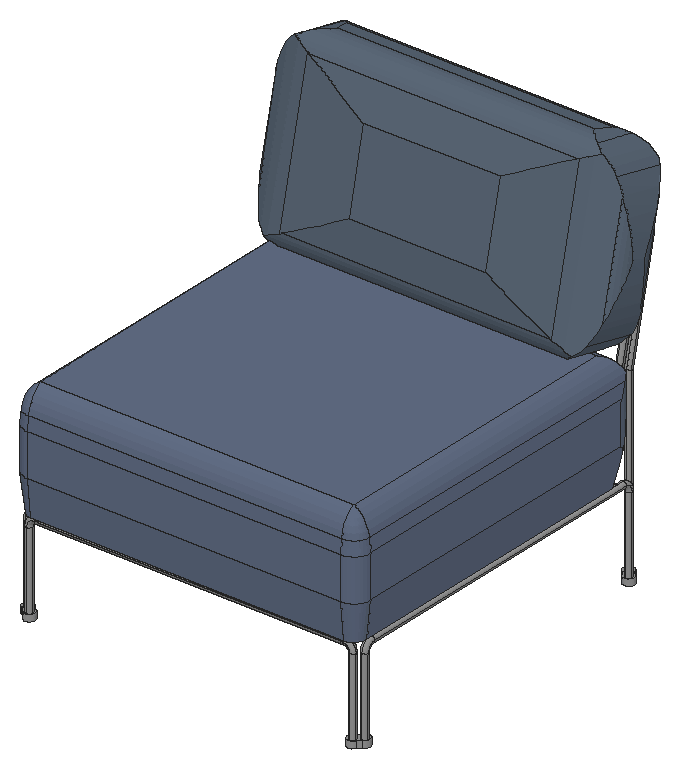
Revit family "FU_Modular_Sandler_Ari 1300-OD", category Furniture, Revit 2020
Family settings
  OmniClass Number = 23.40.20.00
  OmniClass Title = General Furniture and Specialties
  Work Plane-Based = No
  Always vertical = Yes
  Cut with Voids When Loaded = No
  Shared = No
  Room Calculation Point = No
Parameters (values of type "Ari 1300-OD")
  Width = 720 mm
  URL = "https://www.sandlerseating.com/product/ari-1300-od/"
  Seat [instance] = Fabric - Outdoor - FabThirty 30319-25
  Model = "Ari 1300-OD"
  Manufacturer = "Sandler"
  Height = 780 mm
  Frame [instance] = Metal - Paint - Outdoor - Pewter
  Description = "Outdoor modular seating element without armrests. Upholstered, with a steel frame and elegant double backrest support."
  Depth = 780 mm
  Default Elevation = 0 mm
  Back [instance] = Fabric - Outdoor - Amelia 706
Reference planes
  plane 1 "Center (Front/Back)": y = 0
  plane 2: z = 0
  plane 3 "Center (Left/Right)": x = 0
  plane 4 "Right": x = -360
  plane 5 "Left": x = 360
  plane 6 "Back": y = 390
  plane 7 "Front": y = -390
  plane 8 "Height": z = 780
  plane 9 "Seat height": z = 420
  plane 10 "Frame Right C TOP": x = -337.638
  plane 11 "Frame Front C TOP": y = -372.654
  plane 12 "Frame Left C TOP": x = 337.638
  plane 13 "Frame Back CV Right": y = 315.382
  plane 14 "Feet Right": z = 12
  plane 15 "Seat base RIGHT": z = 187.373
  plane 16 "Frame Back AC RIGHT": through (4267.2, 269.976, 182.022) normal (0, -0.9734, 0.2293)
Forms (mm)
  Sweep 1, solid, material "Metal - Paint - Outdoor - Pewter" <- "Frame"
    path origin (0, 315.382, 0) x (0, 0, 1) y (1, 0, 0)
      loop
        line (420, -326.632) -> (12, -326.632)
    profile "Pro_Circles : 13mm" origin (-326.632, 315.382, 216) x (-1, 0, 0) y (0, 1, 0)
      loop
        arc (-6.467, 0.067) -> (-4.64, -4.545) -> (-0.067, -6.467) r 6.401
        arc (-0.067, -6.467) -> (4.593, -4.594) -> (6.467, 0.067) r 6.402
        arc (6.467, 0.067) -> (4.545, 4.64) -> (-0.067, 6.467) r 6.401
        arc (-0.067, 6.467) -> (-4.592, 4.592) -> (-6.467, 0.067) r 6.4
  Extrusion 2, void
    sketch origin (0, 0, 0) x (0, 1, 0) y (0, 0, 1)
      loop
        line (300.453, 375.373) -> (300.453, 331.447) -> (325.205, 331.447) -> (325.205, 375.373) -> (300.453, 375.373)
    from -360 to 360
  Extrusion 3, void
    sketch origin (0, 0, 0) x (0, 1, 0) y (0, 0, 1)
      loop
        line (300.453, 375.373) -> (325.205, 375.373) -> (325.205, 423.621) -> (300.453, 423.621) -> (300.453, 375.373)
    from -360 to 360
  Sweep 4, solid, material "Metal - Paint - Outdoor - Pewter" <- "Frame"
    path origin (0, 315.382, 0) x (0, 0, 1) y (-1, 0, 0)
      loop
        line (420, -326.632) -> (12, -326.632)
    profile "Pro_Circles : 13mm" origin (326.632, 315.382, 216) x (-1, 0, 0) y (0, 1, 0)
      loop
        arc (6.467, 0.067) -> (4.592, 4.592) -> (0.067, 6.467) r 6.4
        arc (0.067, 6.467) -> (-4.545, 4.64) -> (-6.467, 0.067) r 6.401
        arc (-6.467, 0.067) -> (-4.593, -4.594) -> (0.067, -6.467) r 6.402
        arc (0.067, -6.467) -> (4.64, -4.545) -> (6.467, 0.067) r 6.401
  Sweep 5, solid, material "Metal - Paint - Outdoor - Pewter" <- "Frame"
    path origin (337.638, 0, 0) x (0, 1, 0) y (0, 0, 1)
      loop
        line (-359.792, 12) -> (-359.792, 166.321)
        arc (-359.792, 166.321) -> (-355.252, 177.281) -> (-344.292, 181.821) r 15.5
        line (-344.292, 181.821) -> (285.964, 181.821)
        arc (285.964, 181.821) -> (296.924, 177.281) -> (301.464, 166.321) r 15.5
        line (301.464, 166.321) -> (301.464, 11.974)
    profile "Pro_Circles : 13mm" origin (337.638, -359.792, 89.16) x (0, 1, 0) y (-1, 0, 0)
      loop
        arc (-6.467, 0.067) -> (-4.64, -4.545) -> (-0.067, -6.467) r 6.401
        arc (-0.067, -6.467) -> (4.593, -4.594) -> (6.467, 0.067) r 6.402
        arc (6.467, 0.067) -> (4.545, 4.64) -> (-0.067, 6.467) r 6.401
        arc (-0.067, 6.467) -> (-4.592, 4.592) -> (-6.467, 0.067) r 6.4
  Sweep 6, solid, material "Metal - Paint - Outdoor - Pewter" <- "Frame"
    path origin (-337.638, 0, 0) x (0, 1, 0) y (0, 0, 1)
      loop
        line (-359.792, 12) -> (-359.792, 166.321)
        arc (-359.792, 166.321) -> (-355.252, 177.281) -> (-344.292, 181.821) r 15.5
        line (-344.292, 181.821) -> (285.964, 181.821)
        arc (285.964, 181.821) -> (296.924, 177.281) -> (301.464, 166.321) r 15.5
        line (301.464, 166.321) -> (301.464, 11.974)
    profile "Pro_Circles : 13mm" origin (-337.638, -359.792, 89.16) x (0, -1, 0) y (1, 0, 0)
      loop
        arc (6.467, 0.067) -> (4.592, 4.592) -> (0.067, 6.467) r 6.4
        arc (0.067, 6.467) -> (-4.545, 4.64) -> (-6.467, 0.067) r 6.401
        arc (-6.467, 0.067) -> (-4.593, -4.594) -> (0.067, -6.467) r 6.402
        arc (0.067, -6.467) -> (4.64, -4.545) -> (6.467, 0.067) r 6.401
  Sweep 7, solid, material "Metal - Paint - Outdoor - Pewter" <- "Frame"
    path origin (0, -372.654, 0) x (1, 0, 0) y (0, 0, 1)
      loop
        line (-323.977, 12) -> (-323.977, 166.352)
        arc (-323.977, 166.352) -> (-319.438, 177.312) -> (-308.477, 181.852) r 15.5
        line (-308.477, 181.852) -> (308.601, 181.852)
        arc (308.601, 181.852) -> (319.561, 177.312) -> (324.101, 166.352) r 15.5
        line (324.101, 166.352) -> (324.101, 12)
    profile "Pro_Circles : 13mm" origin (-323.977, -372.654, 89.176) x (-1, 0, 0) y (0, -1, 0)
      loop
        arc (-6.467, 0.067) -> (-4.64, -4.545) -> (-0.067, -6.467) r 6.401
        arc (-0.067, -6.467) -> (4.593, -4.594) -> (6.467, 0.067) r 6.402
        arc (6.467, 0.067) -> (4.545, 4.64) -> (-0.067, 6.467) r 6.401
        arc (-0.067, 6.467) -> (-4.592, 4.592) -> (-6.467, 0.067) r 6.4
  Extrusion 8, solid, material "Rubber, Black"
    sketch origin (0, 0, 0) x (1, 0, 0) y (0, 1, 0)
      loop
        arc (-327.69, -355.142) -> (-345.592, -352.286) -> (-341.649, -369.98) r 10.957
        arc (-341.649, -369.98) -> (-337.148, -372.419) -> (-334.238, -376.631) r 11
        arc (-334.238, -376.631) -> (-316.275, -380.507) -> (-319.805, -362.476) r 11
        arc (-319.805, -362.476) -> (-324.707, -359.84) -> (-327.69, -355.142) r 11
    from 0 to 12
  Extrusion 9, solid, material "Rubber, Black"
    sketch origin (0, 0, 0) x (-1, 0, 0) y (0, -1, 0)
      loop
        arc (-327.69, 355.142) -> (-324.707, 359.84) -> (-319.805, 362.476) r 11
        arc (-319.805, 362.476) -> (-316.275, 380.507) -> (-334.238, 376.631) r 11
        arc (-334.238, 376.631) -> (-337.148, 372.419) -> (-341.649, 369.98) r 11
        arc (-341.649, 369.98) -> (-345.592, 352.286) -> (-327.69, 355.142) r 10.957
    from 0 to 12
  Extrusion 10, solid, material "Rubber, Black"
    sketch origin (-35.3, -13.224, 0) x (-0.993563, 0.113279, 0) y (-0.113279, -0.993563, 0)
      loop
        arc (-324.942, -350.4) -> (-342.844, -347.544) -> (-338.901, -365.238) r 10.957
        arc (-338.901, -365.238) -> (-334.399, -367.677) -> (-331.489, -371.888) r 11
        arc (-331.489, -371.888) -> (-313.526, -375.765) -> (-317.057, -357.734) r 11
        arc (-317.057, -357.734) -> (-321.958, -355.098) -> (-324.942, -350.4) r 11
    from 0 to 12
  Extrusion 11, solid, material "Rubber, Black"
    sketch origin (35.3, -13.224, 0) x (0.993563, 0.113279, 0) y (-0.113279, 0.993563, 0)
      loop
        arc (-324.942, 350.4) -> (-321.958, 355.098) -> (-317.057, 357.734) r 11
        arc (-317.057, 357.734) -> (-313.526, 375.765) -> (-331.489, 371.888) r 11
        arc (-331.489, 371.888) -> (-334.399, 367.677) -> (-338.901, 365.238) r 11
        arc (-338.901, 365.238) -> (-342.844, 347.544) -> (-324.942, 350.4) r 10.957
    from 0 to 12
  Extrusion 12, solid, material "Fabric - Outdoor - FabThirty 30319-25" <- "Seat"
    sketch origin (0, 0, 187.373) x (1, 0, 0) y (0, 1, 0)
      loop
        arc (-313.239, 303.733) -> (-336.927, 293.921) -> (-346.739, 270.233) r 33.5
        line (-346.739, 270.233) -> (-346.739, -356.5)
        arc (-346.739, -356.5) -> (-336.927, -380.188) -> (-313.239, -390) r 33.5
        line (-313.239, -390) -> (313.204, -390)
        arc (313.204, -390) -> (336.892, -380.188) -> (346.704, -356.5) r 33.5
        line (346.704, -356.5) -> (346.704, 270.233)
        arc (346.704, 270.233) -> (336.892, 293.921) -> (313.204, 303.733) r 33.5
        line (313.204, 303.733) -> (-313.239, 303.733)
    from 0 to 233.363
  Sweep 13, void
    path in 3D
      loop
        line (-346.739, 384.262, 420.736) -> (-346.739, -356.5, 420.736)
        arc (-346.739, -356.5, 420.736) -> (-336.927, -380.188, 420.736) -> (-313.239, -390, 420.736) r 33.5
        line (-313.239, -390, 420.736) -> (313.204, -390, 420.736)
        arc (313.204, -390, 420.736) -> (336.892, -380.188, 420.736) -> (346.704, -356.5, 420.736) r 33.5
        line (346.704, -356.5, 420.736) -> (346.704, 384.262, 420.736)
    profile origin (-346.739, 13.881, 420.736) x (1, 0, 0) y (0, 0, 1)
      loop
        arc (2.304, -47.996) -> (11.675, -20.578) -> (32.073, 0) r 64.696
        line (32.073, 0) -> (32.073, 22.414) -> (-19.598, 22.414) -> (-19.598, -262.705) -> (14.317, -262.705)
        arc (14.317, -262.705) -> (-0.262, -155.83) -> (2.304, -47.996) r 677.536
  Sweep 14, solid, material "Metal - Paint - Outdoor - Pewter" <- "Frame"
    path origin (0, 215.155, -50.686) x (0, -0.2293, -0.973356) y (1, 0, 0)
      loop
        line (-405.383, -326.634) -> (-665.383, -326.634)
        arc (-665.383, -326.634) -> (-676.343, -322.094) -> (-680.883, -311.134) r 15.5
        line (-680.883, -311.134) -> (-680.883, 311.134)
        arc (-680.883, 311.134) -> (-676.343, 322.094) -> (-665.383, 326.634) r 15.5
        line (-665.383, 326.634) -> (-405.383, 326.634)
    profile "Pro_Circles : 13mm" origin (-326.634, 337.919, 470.433) x (-1, 0, 0) y (0, -0.973356, 0.2293)
      loop
        arc (-6.467, 0.067) -> (-4.64, -4.545) -> (-0.067, -6.467) r 6.401
        arc (-0.067, -6.467) -> (4.593, -4.594) -> (6.467, 0.067) r 6.402
        arc (6.467, 0.067) -> (4.545, 4.64) -> (-0.067, 6.467) r 6.401
        arc (-0.067, 6.467) -> (-4.592, 4.592) -> (-6.467, 0.067) r 6.4
  Sweep 15, solid, material "Metal - Paint - Outdoor - Pewter" <- "Frame"
    path origin (0, 215.155, -50.686) x (0, -0.2293, -0.973356) y (1, 0, 0)
      loop
        line (-238.925, -337.572) -> (-238.925, 337.572)
    profile "Pro_Circles : 13mm" origin (0, 269.941, 181.874) x (0, 0.2293, 0.973356) y (0, -0.973356, 0.2293)
      loop
        arc (-6.467, 0.067) -> (-4.64, -4.545) -> (-0.067, -6.467) r 6.401
        arc (-0.067, -6.467) -> (4.593, -4.594) -> (6.467, 0.067) r 6.402
        arc (6.467, 0.067) -> (4.545, 4.64) -> (-0.067, 6.467) r 6.401
        arc (-0.067, 6.467) -> (-4.592, 4.592) -> (-6.467, 0.067) r 6.4
  Sweep 16, solid, material "Metal - Paint - Outdoor - Pewter" <- "Frame"
    path origin (0, 215.155, -50.686) x (0, -0.2293, -0.973356) y (1, 0, 0)
      loop
        line (-238.859, 308.199) -> (-545.701, 308.199)
        arc (-545.701, 308.199) -> (-556.662, 303.659) -> (-561.201, 292.699) r 15.5
        line (-561.201, 292.699) -> (-561.201, -292.699)
        arc (-561.201, -292.699) -> (-556.662, -303.659) -> (-545.701, -308.199) r 15.5
        line (-545.701, -308.199) -> (-238.859, -308.199)
    profile "Pro_Circles : 13mm" origin (-308.199, 305.105, 331.142) x (1, 0, 0) y (0, -0.973356, 0.2293)
      loop
        arc (-6.467, 0.067) -> (-4.64, -4.545) -> (-0.067, -6.467) r 6.401
        arc (-0.067, -6.467) -> (4.593, -4.594) -> (6.467, 0.067) r 6.402
        arc (6.467, 0.067) -> (4.545, 4.64) -> (-0.067, 6.467) r 6.401
        arc (-0.067, 6.467) -> (-4.592, 4.592) -> (-6.467, 0.067) r 6.4
  Extrusion 17, void
    sketch origin (0, 11.535, 0.066) x (0, 1, 0) y (0, 0, 1)
      loop
        arc (279.345, 364.934) -> (266.59, 262.706) -> (239.146, 163.408) r 708.516
        line (239.146, 163.408) -> (325.45, 163.408) -> (325.45, 441.519) -> (222.591, 441.519) -> (222.591, 423.086)
        arc (222.591, 423.086) -> (263.219, 405.967) -> (279.345, 364.934) r 56.771
    from -360 to 360
Cuts and joins
  Extrusion 3 cuts Sweep 1
  Extrusion 3 cuts Sweep 4
  Sweep 13, Extrusion 17 cuts Extrusion 12
  Extrusion 2 cuts Sweep 14
Lines and regions (mm)
  sketch lines
    curve 1: line (-346.739, 384.262, 420.736) -> (-346.739, -356.5, 420.736)
    curve 2: arc (-313.239, -390, 420.736) -> (-336.927, -380.188, 420.736) -> (-346.739, -356.5, 420.736) r 33.5
    curve 3: line (-313.239, -390, 420.736) -> (313.204, -390, 420.736)
    curve 4: arc (346.704, -356.5, 420.736) -> (336.892, -380.188, 420.736) -> (313.204, -390, 420.736) r 33.5
    curve 5: line (346.704, -356.5, 420.736) -> (346.704, 384.262, 420.736)
  reference lines
    curve 6: line (0, 369.538, 604.651) -> (0, 373.026, 619.46)
    curve 7: line (0, 268.215, 174.547) -> (0, 271.667, 189.201)
    curve 8: line (0, 342.113, 488.238) -> (0, 345.564, 502.888)
    curve 9: line (-314.999, 325.979, 419.749) -> (-301.4, 325.979, 419.749)
    curve 10: line (314.999, 325.979, 419.749) -> (301.4, 325.979, 419.749)
Dimensions and locks
  equal spacing: plane 4 "Right", plane 3 "Center (Left/Right)", plane 5 "Left"
  "Width": plane 4 "Right" to plane 5 "Left"
  equal spacing: plane 6 "Back", plane 1 "Center (Front/Back)", plane 7 "Front"
  "Depth": plane 6 "Back" to plane 7 "Front"
  "Height": plane 8 "Height" to level
  plane 9 "Seat height" to level = 420 mm
  aligned and locked: level to plane 2
Automatic sketch dimensions
  Sweep 1 sketch curve to plane 14 "Feet Right" = 0 mm
  Sweep 1 sketch curve to plane 9 "Seat height" = 0 mm
  plane 10 "Frame Right C TOP" to Sweep 1 sketch curve = 11.006 mm
  Extrusion 2 sketch curve to plane 13 "Frame Back CV Right" = 14.929 mm
  plane 13 "Frame Back CV Right" to Extrusion 2 sketch curve = 9.823 mm
  Extrusion 2 sketch curve to plane 9 "Seat height" = 88.553 mm
  Extrusion 2 sketch curve to Extrusion 2 sketch curve = 43.926 mm
  plane 9 "Seat height" to Extrusion 3 sketch curve = 3.621 mm
  Extrusion 3 sketch curve to plane 13 "Frame Back CV Right" = 14.929 mm
  plane 13 "Frame Back CV Right" to Extrusion 3 sketch curve = 9.823 mm
  Extrusion 3 sketch curve to plane 9 "Seat height" = 44.627 mm
  Sweep 4 sketch curve to plane 14 "Feet Right" = 0 mm
  Sweep 4 sketch curve to plane 9 "Seat height" = 0 mm
  Sweep 4 sketch curve to plane 12 "Frame Left C TOP" = 11.006 mm
  Sweep 5 sketch curve to plane 14 "Feet Right" = 0 mm
  plane 11 "Frame Front C TOP" to Sweep 5 sketch curve = 12.862 mm
  Sweep 5 sketch curve to Sweep 5 sketch curve = 15.5 mm
  plane 13 "Frame Back CV Right" to Sweep 5 sketch curve = 29.418 mm
  plane 13 "Frame Back CV Right" to Sweep 5 sketch curve = 13.918 mm
  Sweep 5 sketch curve to plane 14 "Feet Right" = 154.321 mm
  plane 14 "Feet Right" to Sweep 5 sketch curve = 0.026 mm
  Sweep 6 sketch curve to plane 14 "Feet Right" = 0 mm
  Sweep 6 sketch curve to plane 11 "Frame Front C TOP" = 12.862 mm
  Sweep 6 sketch curve to Sweep 6 sketch curve = 15.5 mm
  Sweep 6 sketch curve to plane 13 "Frame Back CV Right" = 29.418 mm
  Sweep 6 sketch curve to plane 13 "Frame Back CV Right" = 13.918 mm
  plane 14 "Feet Right" to Sweep 6 sketch curve = 154.321 mm
  Sweep 6 sketch curve to plane 14 "Feet Right" = 0.026 mm
  Sweep 7 sketch curve to plane 14 "Feet Right" = 0 mm  (x2)
  plane 10 "Frame Right C TOP" to Sweep 7 sketch curve = 13.661 mm
  Sweep 7 sketch curve to Sweep 7 sketch curve = 15.5 mm
  plane 12 "Frame Left C TOP" to Sweep 7 sketch curve = 29.038 mm
  plane 12 "Frame Left C TOP" to Sweep 7 sketch curve = 13.538 mm
  Sweep 7 sketch curve to Sweep 7 sketch curve = 154.352 mm
  plane 11 "Frame Front C TOP" to Extrusion 8 sketch curve = 0 mm
  Extrusion 8 sketch curve to plane 10 "Frame Right C TOP" = 6.856 mm
  plane 10 "Frame Right C TOP" to Extrusion 8 sketch curve = 0.027 mm
  plane 10 "Frame Right C TOP" to Extrusion 8 sketch curve = 13.661 mm
  plane 10 "Frame Right C TOP" to Extrusion 8 sketch curve = 20.423 mm
  plane 11 "Frame Front C TOP" to Extrusion 8 sketch curve = 7.952 mm
  Extrusion 8 sketch curve to plane 11 "Frame Front C TOP" = 12.86 mm
  Extrusion 8 sketch curve to plane 11 "Frame Front C TOP" = 20.869 mm
  Extrusion 8 sketch curve to plane 10 "Frame Right C TOP" = 4.011 mm
  plane 10 "Frame Right C TOP" to Extrusion 8 sketch curve = 3.401 mm
  Extrusion 8 sketch curve to Extrusion 8 sketch curve = 0.004 mm
  plane 10 "Frame Right C TOP" to Extrusion 8 sketch curve = 9.948 mm
  Extrusion 8 sketch curve to Extrusion 8 sketch curve = 7.885 mm
  plane 11 "Frame Front C TOP" to Extrusion 8 sketch curve = 3.975 mm
  plane 11 "Frame Front C TOP" to Extrusion 9 sketch curve = 0 mm
  plane 12 "Frame Left C TOP" to Extrusion 9 sketch curve = 6.856 mm
  Extrusion 9 sketch curve to plane 12 "Frame Left C TOP" = 0.027 mm
  Extrusion 9 sketch curve to plane 12 "Frame Left C TOP" = 13.661 mm
  Extrusion 9 sketch curve to plane 12 "Frame Left C TOP" = 20.423 mm
  Extrusion 9 sketch curve to plane 11 "Frame Front C TOP" = 7.952 mm
  plane 11 "Frame Front C TOP" to Extrusion 9 sketch curve = 12.86 mm
  plane 11 "Frame Front C TOP" to Extrusion 9 sketch curve = 20.869 mm
  plane 12 "Frame Left C TOP" to Extrusion 9 sketch curve = 4.011 mm
  Extrusion 9 sketch curve to plane 12 "Frame Left C TOP" = 3.401 mm
  Extrusion 9 sketch curve to Extrusion 9 sketch curve = 0.004 mm
  Extrusion 9 sketch curve to plane 12 "Frame Left C TOP" = 9.948 mm
  Extrusion 9 sketch curve to Extrusion 9 sketch curve = 7.885 mm
  Extrusion 9 sketch curve to plane 11 "Frame Front C TOP" = 3.975 mm
  plane 13 "Frame Back CV Right" to Extrusion 10 sketch curve = 6.126 mm
  Extrusion 10 sketch curve to plane 12 "Frame Left C TOP" = 9.186 mm
  Extrusion 10 sketch curve to Extrusion 10 sketch curve = 6.883 mm
  Extrusion 10 sketch curve to Extrusion 10 sketch curve = 13.634 mm
  Extrusion 10 sketch curve to Extrusion 10 sketch curve = 20.396 mm
  Extrusion 10 sketch curve to Extrusion 10 sketch curve = 7.952 mm
  Extrusion 10 sketch curve to Extrusion 10 sketch curve = 12.86 mm
  Extrusion 10 sketch curve to Extrusion 10 sketch curve = 8.009 mm
  Extrusion 10 sketch curve to Extrusion 10 sketch curve = 4.038 mm
  Extrusion 10 sketch curve to Extrusion 10 sketch curve = 7.411 mm
  Extrusion 10 sketch curve to Extrusion 10 sketch curve = 0.004 mm
  Extrusion 10 sketch curve to Extrusion 10 sketch curve = 9.921 mm
  Extrusion 10 sketch curve to Extrusion 10 sketch curve = 7.885 mm
  Extrusion 10 sketch curve to Extrusion 10 sketch curve = 3.975 mm
  Extrusion 11 sketch curve to plane 13 "Frame Back CV Right" = 6.126 mm
  plane 10 "Frame Right C TOP" to Extrusion 11 sketch curve = 9.186 mm
  Extrusion 11 sketch curve to Extrusion 11 sketch curve = 6.883 mm
  Extrusion 11 sketch curve to Extrusion 11 sketch curve = 13.634 mm
  Extrusion 11 sketch curve to Extrusion 11 sketch curve = 20.396 mm
  Extrusion 11 sketch curve to Extrusion 11 sketch curve = 7.952 mm
  Extrusion 11 sketch curve to Extrusion 11 sketch curve = 12.86 mm
  Extrusion 11 sketch curve to Extrusion 11 sketch curve = 8.009 mm
  Extrusion 11 sketch curve to Extrusion 11 sketch curve = 4.038 mm
  Extrusion 11 sketch curve to Extrusion 11 sketch curve = 7.411 mm
  Extrusion 11 sketch curve to Extrusion 11 sketch curve = 0.004 mm
  Extrusion 11 sketch curve to Extrusion 11 sketch curve = 9.921 mm
  Extrusion 11 sketch curve to Extrusion 11 sketch curve = 7.885 mm
  Extrusion 11 sketch curve to Extrusion 11 sketch curve = 3.975 mm
  Extrusion 12 sketch curve to plane 7 "Front" = 0 mm
  Extrusion 12 sketch curve to plane 10 "Frame Right C TOP" = 9.101 mm
  plane 10 "Frame Right C TOP" to Extrusion 12 sketch curve = 24.399 mm  (x2)
  Extrusion 12 sketch curve to plane 13 "Frame Back CV Right" = 11.649 mm
  plane 12 "Frame Left C TOP" to Extrusion 12 sketch curve = 24.434 mm  (x2)
  Extrusion 12 sketch curve to plane 12 "Frame Left C TOP" = 9.066 mm
  Sweep 13 sketch curve to profile plane = 0 mm
  profile plane to Sweep 13 sketch curve = 19.598 mm
  Sweep 13 sketch curve to profile plane = 14.317 mm
  Sweep 13 sketch curve to profile plane = 32.073 mm
  Sweep 13 sketch curve to Sweep 13 sketch curve = 34.581 mm
  Sweep 13 sketch curve to profile plane = 117.981 mm
  Sweep 13 sketch curve to profile plane = 54.679 mm
  profile plane to Sweep 13 sketch curve = 22.414 mm
  Sweep 13 sketch curve to profile plane = 2.304 mm
  Sweep 13 sketch curve to Sweep 13 sketch curve = 0 mm
  plane 10 "Frame Right C TOP" to Sweep 14 sketch curve = 26.505 mm
  plane 10 "Frame Right C TOP" to Sweep 14 sketch curve = 11.005 mm
  plane 12 "Frame Left C TOP" to Sweep 14 sketch curve = 11.005 mm
  Sweep 14 sketch curve to Sweep 14 sketch curve = 15.5 mm
  Sweep 14 sketch curve to Sweep 14 sketch curve = 260 mm  (x2)
  curve 6 to plane 3 "Center (Left/Right)" = 0 mm
  curve 8 to plane 3 "Center (Left/Right)" = 0 mm
  curve 7 to plane 3 "Center (Left/Right)" = 0 mm
  curve 6 to curve 6 = 15.214 mm
  curve 6 to curve 8 = 104.549 mm
  curve 8 to curve 8 = 15.05 mm
  plane 12 "Frame Left C TOP" to curve 10 = 36.239 mm
  curve 8 to curve 10 = 70.364 mm
  plane 10 "Frame Right C TOP" to curve 9 = 22.64 mm
  curve 8 to curve 9 = 70.364 mm
  curve 8 to curve 7 = 307.223 mm
  curve 7 to curve 7 = 15.055 mm
  curve 9 to curve 9 = 13.599 mm
  curve 10 to curve 10 = 13.599 mm
  plane 12 "Frame Left C TOP" to Sweep 15 sketch curve = 0.067 mm
  plane 10 "Frame Right C TOP" to Sweep 15 sketch curve = 0.067 mm
  plane 12 "Frame Left C TOP" to Sweep 16 sketch curve = 44.939 mm
  Sweep 16 sketch curve to Sweep 16 sketch curve = 15.5 mm  (x2)
  plane 10 "Frame Right C TOP" to Sweep 16 sketch curve = 44.939 mm
  Sweep 16 sketch curve to Sweep 16 sketch curve = 306.843 mm  (x2)
  Extrusion 17 sketch curve to plane 9 "Seat height" = 18.629 mm
  Extrusion 17 sketch curve to plane 7 "Front" = 26.703 mm
  plane 9 "Seat height" to Extrusion 17 sketch curve = 21.585 mm
  Extrusion 17 sketch curve to plane 13 "Frame Back CV Right" = 81.257 mm
  plane 15 "Seat base RIGHT" to Extrusion 17 sketch curve = 23.899 mm
  Extrusion 17 sketch curve to plane 13 "Frame Back CV Right" = 64.701 mm
  plane 13 "Frame Back CV Right" to Extrusion 17 sketch curve = 21.603 mm
  Extrusion 17 sketch curve to plane 9 "Seat height" = 53.619 mm
  Extrusion 17 sketch curve to Extrusion 17 sketch curve = 18.433 mm
Nested families
  nested 1: "Ari Back" at (0, 283.436, 15.923), Back <- "Back", type "Ari Back"
    with Back Fabric - Outdoor - Amelia 706
Definition of nested family "Ari Back"
  Parameters (values of type "Ari Back")
    Width = 720 mm
    Height = 895 mm
    Depth = 503 mm
    Default Elevation = 0 mm
    Back [instance] = none
  Reference planes
    plane 1 "Center (Front/Back)": y = 0
    plane 2: z = 0
    plane 3 "Center (Left/Right)": x = 0
    plane 4 "Right": x = -360
    plane 5 "Left": x = 360
    plane 6 "Back": y = 251.5
    plane 7 "Front": y = -251.5
    plane 8 "Height": z = 895
    plane 9 "Seat height": z = 610
  Forms (mm)
    Extrusion 1, solid, material <- "Back"
      sketch origin (0, -132.764, 15.297) x (1, 0, 0) y (0, 0.973179, -0.23005)
        loop
          line (-362.5, 74.701) -> (-362.5, -74.06) -> (362.5, -74.06) -> (362.5, 74.701) -> (-362.5, 74.701)
      from 389.924 to 767.563
    Extrusion 2, void
      sketch origin (0, -132.764, 15.297) x (1, 0, 0) y (0, 0.973179, -0.23005)
        loop
          line (-310.203, 75.143) -> (-310.203, 79.868) -> (-364.948, 79.868) -> (-364.948, -91.02) -> (-99.416, -91.02) -> (-99.416, -75.542)
          arc (-99.416, -75.542) -> (-185.72, -70.794) -> (-271.607, -61.085) r 1500.401
          arc (-271.607, -61.085) -> (-310.035, -51.019) -> (-345.163, -32.471) r 173.385
          arc (-345.163, -32.471) -> (-355.968, -17.765) -> (-360.14, 0) r 45.595
          line (-360.14, 0) -> (-360.596, 24.202)
          arc (-360.596, 24.202) -> (-346.151, 60.308) -> (-310.203, 75.143) r 50
        loop
          arc (310.203, 75.143) -> (346.151, 60.308) -> (360.596, 24.202) r 50
          line (360.596, 24.202) -> (360.14, 0)
          arc (360.14, 0) -> (355.968, -17.765) -> (345.163, -32.471) r 45.595
          arc (345.163, -32.471) -> (310.035, -51.019) -> (271.607, -61.085) r 173.385
          arc (271.607, -61.085) -> (185.72, -70.794) -> (99.416, -75.542) r 1500.401
          line (99.416, -75.542) -> (99.416, -91.02) -> (364.948, -91.02) -> (364.948, 79.868) -> (310.203, 79.868) -> (310.203, 75.143)
      from 376.711 to 778.071
    Extrusion 3, void
      sketch origin (0, -132.764, 15.297) x (1, 0, 0) y (0, 0.23005, 0.973179)
        loop
          arc (-333.96, 716.373) -> (-314.814, 741.929) -> (-287.697, 758.789) r 86.435
          arc (-287.697, 758.789) -> (-252.656, 768.112) -> (-216.501, 770.87) r 197.455
          line (-216.501, 770.87) -> (-216.501, 777.709) -> (-370.298, 777.709) -> (-370.298, 376.009) -> (-216.501, 376.009) -> (-216.501, 385.996)
          arc (-216.501, 385.996) -> (-242.472, 387.863) -> (-268.162, 392.109) r 283.002
          arc (-268.162, 392.109) -> (-302.445, 405.044) -> (-328.289, 431.019) r 86.435
          spline (-328.289, 431.019) -> (-337.16, 449.647) -> (-344.765, 470.723) -> (-350.96, 493.848) -> (-355.627, 518.588) -> (-358.679, 544.474) -> (-360.057, 571.019) -> (-359.737, 597.721) -> (-357.724, 624.076) -> (-354.055, 649.587) -> (-348.801, 673.772) -> (-342.06, 696.175) -> (-333.96, 716.373)
        loop
          spline (333.96, 716.373) -> (342.06, 696.175) -> (348.801, 673.772) -> (354.055, 649.587) -> (357.724, 624.076) -> (359.737, 597.721) -> (360.057, 571.019) -> (358.679, 544.474) -> (355.627, 518.588) -> (350.96, 493.848) -> (344.765, 470.723) -> (337.16, 449.647) -> (328.289, 431.019)
          arc (328.289, 431.019) -> (302.445, 405.044) -> (268.162, 392.109) r 86.435
          arc (268.162, 392.109) -> (242.472, 387.863) -> (216.501, 385.996) r 283.002
          line (216.501, 385.996) -> (216.501, 376.009) -> (370.298, 376.009) -> (370.298, 777.709) -> (216.501, 777.709) -> (216.501, 770.87)
          arc (216.501, 770.87) -> (252.656, 768.112) -> (287.697, 758.789) r 197.455
          arc (287.697, 758.789) -> (314.814, 741.929) -> (333.96, 716.373) r 86.435
      from -88.411 to 87.877
    Extrusion 4, void
      sketch origin (0, -132.764, 15.297) x (0, 0.973179, -0.23005) y (0, 0.23005, 0.973179)
        loop
          arc (-61.397, 729.537) -> (-71.742, 680.053) -> (-75.437, 629.634) r 380.549
          line (-75.437, 629.634) -> (-88.369, 629.634) -> (-88.369, 778.183) -> (89.567, 778.183) -> (89.567, 676.12) -> (79.458, 676.12)
          arc (79.458, 676.12) -> (76.502, 705.709) -> (68.783, 734.428) r 182.681
          arc (68.783, 734.428) -> (50.774, 756.428) -> (23.805, 765.426) r 51.189
          line (23.805, 765.426) -> (-12.114, 766.886)
          arc (-12.114, 766.886) -> (-43.061, 756.472) -> (-61.416, 729.468) r 51.189
        loop
          arc (68.783, 424.075) -> (50.774, 402.074) -> (23.805, 393.076) r 51.189
          line (23.805, 393.076) -> (-12.114, 391.617)
          arc (-12.114, 391.617) -> (-43.09, 402.052) -> (-61.435, 429.104) r 51.189
          arc (-61.435, 429.104) -> (-71.752, 478.521) -> (-75.437, 528.868) r 380.549
          line (-75.437, 528.868) -> (-88.369, 528.868) -> (-88.369, 380.319) -> (89.567, 380.319) -> (89.567, 482.383) -> (79.458, 482.383)
          arc (79.458, 482.383) -> (76.502, 452.793) -> (68.783, 424.075) r 182.681
      from -402.712 to 386.758
  Cuts and joins
    Extrusion 2, Extrusion 3, Extrusion 4 cuts Extrusion 1
  Dimensions and locks
    equal spacing: plane 4 "Right", plane 3 "Center (Left/Right)", plane 5 "Left"
    "Width": plane 4 "Right" to plane 5 "Left"
    equal spacing: plane 6 "Back", plane 1 "Center (Front/Back)", plane 7 "Front"
    "Depth": plane 6 "Back" to plane 7 "Front"
    "Height": plane 8 "Height" to level
    plane 9 "Seat height" to level = 610 mm
    aligned and locked: level to plane 2
  Automatic sketch dimensions
    plane 4 "Right" to Extrusion 1 sketch curve = 2.5 mm
    Extrusion 1 sketch curve to plane 5 "Left" = 2.5 mm
    Extrusion 1 sketch curve to Extrusion 1 sketch curve = 148.761 mm
    plane 4 "Right" to Extrusion 2 sketch curve = 4.948 mm
    plane 4 "Right" to Extrusion 2 sketch curve = 0.14 mm
    Extrusion 2 sketch curve to plane 4 "Right" = 45.435 mm
    Extrusion 2 sketch curve to Extrusion 2 sketch curve = 3.96 mm  (x2)
    Extrusion 2 sketch curve to plane 4 "Right" = 49.797 mm
    Extrusion 2 sketch curve to Extrusion 2 sketch curve = 63.027 mm
    Extrusion 2 sketch curve to plane 3 "Center (Left/Right)" = 99.416 mm
    Extrusion 2 sketch curve to plane 3 "Center (Left/Right)" = 60.187 mm
    plane 3 "Center (Left/Right)" to Extrusion 2 sketch curve = 60.187 mm
    plane 3 "Center (Left/Right)" to Extrusion 2 sketch curve = 99.416 mm
    plane 5 "Left" to Extrusion 2 sketch curve = 112.825 mm
    plane 5 "Left" to Extrusion 2 sketch curve = 49.797 mm
    plane 5 "Left" to Extrusion 2 sketch curve = 49.395 mm
    Extrusion 2 sketch curve to plane 5 "Left" = 0.14 mm
    Extrusion 2 sketch curve to plane 5 "Left" = 0.596 mm
    Extrusion 2 sketch curve to plane 5 "Left" = 4.948 mm
    Extrusion 2 sketch curve to Extrusion 2 sketch curve = 0 mm  (x4)
    Extrusion 2 sketch curve to Extrusion 2 sketch curve = 15.478 mm  (x2)
    Extrusion 2 sketch curve to Extrusion 2 sketch curve = 91.02 mm  (x2)
    Extrusion 2 sketch curve to Extrusion 2 sketch curve = 1.332 mm  (x2)
    Extrusion 2 sketch curve to Extrusion 2 sketch curve = 24.202 mm
    Extrusion 2 sketch curve to Extrusion 2 sketch curve = 23.812 mm  (x2)
    Extrusion 2 sketch curve to Extrusion 2 sketch curve = 49.998 mm
    Extrusion 2 sketch curve to Extrusion 2 sketch curve = 4.725 mm  (x2)
    Extrusion 2 sketch curve to Extrusion 2 sketch curve = 30.702 mm  (x2)
    Extrusion 2 sketch curve to Extrusion 2 sketch curve = 1313.776 mm
    plane 4 "Right" to Extrusion 2 sketch curve = 0.596 mm
    Extrusion 2 sketch curve to plane 4 "Right" = 14.837 mm
    plane 4 "Right" to Extrusion 3 sketch curve = 10.298 mm
    Extrusion 3 sketch curve to plane 4 "Right" = 103.598 mm
    Extrusion 3 sketch curve to plane 4 "Right" = 104.515 mm
    Extrusion 3 sketch curve to Extrusion 3 sketch curve = 35.862 mm
    Extrusion 3 sketch curve to Extrusion 3 sketch curve = 38.984 mm  (x2)
    Extrusion 3 sketch curve to Extrusion 3 sketch curve = 39.901 mm
    Extrusion 3 sketch curve to Extrusion 3 sketch curve = 47.188 mm  (x2)
    plane 5 "Left" to Extrusion 3 sketch curve = 150.786 mm
    Extrusion 3 sketch curve to Extrusion 3 sketch curve = 7.287 mm
    plane 5 "Left" to Extrusion 3 sketch curve = 143.499 mm
    Extrusion 3 sketch curve to Extrusion 3 sketch curve = 10.409 mm
    Extrusion 3 sketch curve to plane 5 "Left" = 10.298 mm
    Extrusion 3 sketch curve to Extrusion 3 sketch curve = 0 mm  (x2)
    Extrusion 3 sketch curve to Extrusion 3 sketch curve = 9.986 mm  (x2)
    Extrusion 3 sketch curve to Extrusion 3 sketch curve = 91.613 mm  (x2)
    Extrusion 3 sketch curve to Extrusion 3 sketch curve = 95.831 mm  (x2)
    Extrusion 3 sketch curve to Extrusion 3 sketch curve = 95.464 mm  (x2)
    Extrusion 3 sketch curve to Extrusion 3 sketch curve = 9.315 mm  (x2)
    Extrusion 3 sketch curve to Extrusion 3 sketch curve = 92.651 mm  (x2)
    Extrusion 3 sketch curve to Extrusion 3 sketch curve = 99.491 mm
    Extrusion 3 sketch curve to Extrusion 3 sketch curve = 6.84 mm
    Extrusion 3 sketch curve to plane 4 "Right" = 26.04 mm
    Extrusion 3 sketch curve to plane 4 "Right" = 31.711 mm
    Extrusion 3 sketch curve to Extrusion 3 sketch curve = 46.263 mm
    Extrusion 3 sketch curve to Extrusion 3 sketch curve = 17.66 mm  (x2)
    Extrusion 3 sketch curve to Extrusion 3 sketch curve = 51.661 mm  (x2)
    Extrusion 3 sketch curve to Extrusion 3 sketch curve = 53.536 mm
    plane 5 "Left" to Extrusion 3 sketch curve = 31.711 mm
    plane 5 "Left" to Extrusion 3 sketch curve = 26.04 mm
    Extrusion 3 sketch curve to Extrusion 3 sketch curve = 5.91 mm  (x2)
    Extrusion 4 sketch curve to plane 9 "Seat height" = 98.299 mm
    plane 1 "Center (Front/Back)" to Extrusion 4 sketch curve = 121.456 mm
    Extrusion 4 sketch curve to Extrusion 4 sketch curve = 0 mm  (x3)
    Extrusion 4 sketch curve to Extrusion 4 sketch curve = 14.824 mm  (x2)
    Extrusion 4 sketch curve to Extrusion 4 sketch curve = 12.932 mm  (x2)
    Extrusion 4 sketch curve to Extrusion 4 sketch curve = 76.255 mm  (x2)
    Extrusion 4 sketch curve to Extrusion 4 sketch curve = 33.84 mm  (x2)
    Extrusion 4 sketch curve to Extrusion 4 sketch curve = 35.919 mm  (x2)
    Extrusion 4 sketch curve to Extrusion 4 sketch curve = 57.732 mm  (x2)
    Extrusion 4 sketch curve to Extrusion 4 sketch curve = 65.762 mm
    Extrusion 4 sketch curve to Extrusion 4 sketch curve = 10.108 mm
    Extrusion 4 sketch curve to Extrusion 4 sketch curve = 215.537 mm
    Extrusion 4 sketch curve to Extrusion 4 sketch curve = 3.309 mm
    Extrusion 4 sketch curve to Extrusion 4 sketch curve = 38.16 mm  (x2)
    Extrusion 4 sketch curve to Extrusion 4 sketch curve = 1.417 mm  (x2)
    Extrusion 4 sketch curve to Extrusion 4 sketch curve = 51.147 mm  (x2)
    Extrusion 4 sketch curve to Extrusion 4 sketch curve = 1.46 mm  (x2)
    Extrusion 4 sketch curve to Extrusion 4 sketch curve = 43.756 mm  (x2)
    Extrusion 4 sketch curve to Extrusion 4 sketch curve = 43.177 mm  (x2)
    Extrusion 4 sketch curve to Extrusion 4 sketch curve = 49.029 mm
    Extrusion 4 sketch curve to Extrusion 4 sketch curve = 95.679 mm
    Extrusion 4 sketch curve to Extrusion 4 sketch curve = 100.766 mm
    Extrusion 4 sketch curve to Extrusion 4 sketch curve = 46.485 mm
    Extrusion 4 sketch curve to Extrusion 4 sketch curve = 0.019 mm
